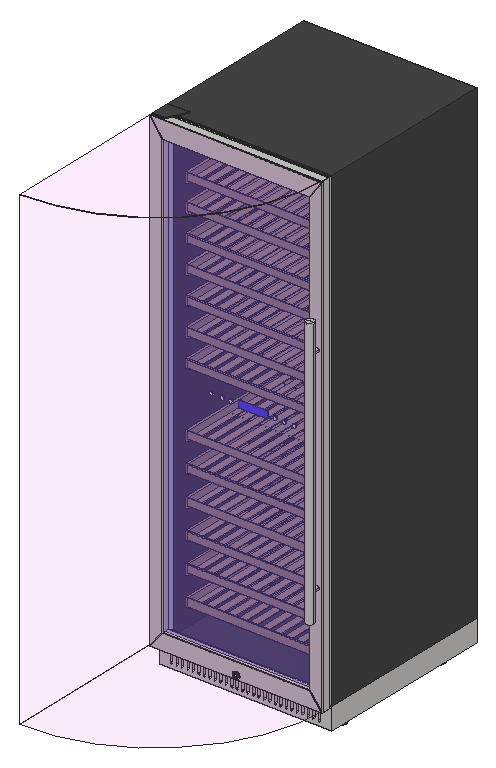
Revit family "QF_Summit_SWC1966B_Dual_Zone_Bottle_Wine_Cellar", category Specialty Equipment, Revit 2020 (continued)
Definition of nested family "SWC1966B"
  Lines and regions (in)
    symbolic lines, visible <- "Show RHD"
      curve 20: line (0.15542, -25.27812, 0) -> (0.15542, -24.75, 0)
      curve 21: arc (3.23424, -37.05362, 0) -> (0.84331, -31.3784, 0) -> (0, -25.27812, 0) r 23.63
      curve 22: line (23.63, -25.27812, 0) -> (3.23424, -37.05362, 0)
    symbolic lines
      curve 17: line (23.63, -24.75, 0) -> (23.63, 0, 0)
      curve 18: line (23.63, 0, 0) -> (0, 0, 0)
      curve 19: line (0, 0, 0) -> (0, -24.75, 0)
    symbolic lines, visible <- "Show LHD"
      curve 23: arc (23.47375, -27.70313, 0) -> (22.92688, -27.15625, 0) -> (22.38, -27.70313, 0) r 0.54687
      curve 24: arc (22.38, -27.70313, 0) -> (22.92688, -28.25, 0) -> (23.47375, -27.70313, 0) r 0.54687
      curve 25: line (22.6925, -27.20902, 0) -> (22.6925, -26.5, 0)
      curve 26: line (23.1925, -27.22509, 0) -> (23.1925, -26.5, 0)
      curve 27: line (23.63, -26.5, 0) -> (0, -26.5, 0)
      curve 28: line (0, -26.39317, 0) -> (23.63, -26.39317, 0)
      curve 29: line (23.63, -26.5, 0) -> (23.63, -25.27812, 0)
      curve 30: line (23.63, -25.27812, 0) -> (2.26311, -25.27812, 0)
      curve 31: line (0.10029, -25.27812, 0) -> (0, -25.27812, 0)
      curve 32: line (0, -25.27812, 0) -> (0, -26.5, 0)
      curve 33: line (3.08046, -23.52531, 0) -> (1.85029, -26.16343, 0)
      curve 34: line (1.85029, -26.16343, 0) -> (0.10029, -26.16343, 0)
      curve 35: line (0.10029, -26.16343, 0) -> (0.10029, -23.52531, 0)
      curve 36: line (0.10029, -23.52531, 0) -> (3.08046, -23.52531, 0)
      curve 37: line (2.50938, -24.75, 0) -> (23.63, -24.75, 0)
      curve 38: line (0.10029, -24.75, 0) -> (0, -24.75, 0)
      curve 39: line (23.47458, -25.27812, 0) -> (23.47458, -24.75, 0)
      curve 40: arc (20.39576, -37.05362, 0) -> (22.78669, -31.3784, 0) -> (23.63, -25.27812, 0) r 23.63
      curve 41: line (0, -25.27812, 0) -> (20.39576, -37.05362, 0)
  Dimensions and locks (in)
    equal spacing: plane 3 "LEFT", plane 7 "Center Y", plane 4 "RIGHT"
    "Length": plane 3 "LEFT" to plane 4 "RIGHT"
    equal spacing: plane 5 "FRONT", plane 8 "Center X", plane 1 "BACK"
    "Depth": plane 5 "FRONT" to plane 1 "BACK"
    "Height": plane 6 "TOP" to level
    plane 1 "BACK" to plane 10 = 24 3/4"
    plane 5 "FRONT" to plane 9 = 1 3/4"
    plane 1 "BACK" to plane 12 = 48 3/4"
    aligned and locked: level to plane 2
  Automatic sketch dimensions
    curve 21 to plane 3 "LEFT" = 0"
    plane 1 "BACK" to curve 18 = 0"
    curve 18 to plane 3 "LEFT" = 0"
    curve 20 to plane 10 = 0"
    plane 5 "FRONT" to curve 4 = 0"
    curve 11 to plane 11 = 0"
    curve 16 to plane 10 = 0"
    curve 5 to plane 4 "RIGHT" = 0"
    curve 17 to plane 4 "RIGHT" = 0"
    curve 35 to plane 11 = 0"
    plane 3 "LEFT" to curve 1 = 45/64"
    plane 3 "LEFT" to curve 22 = 3.23424"
    plane 4 "RIGHT" to curve 11 = 3.08046"
    curve 12 to plane 5 "FRONT" = 0.33657"
    plane 4 "RIGHT" to curve 12 = 1.85029"
    plane 4 "RIGHT" to curve 13 = 0.10029"
    plane 4 "RIGHT" to curve 21 = 0.00053"
    curve 41 to plane 10 = 0.52812"
    curve 31 to curve 40 = 0.00053"
    curve 40 to curve 35 = 0.09976"
    curve 34 to plane 5 "FRONT" = 0.33657"
    curve 34 to curve 34 = 1 3/4"
    curve 33 to curve 36 = 1.23017"
    curve 41 to plane 9 = 8.80362"
    plane 9 to curve 23 = 35/64"
    curve 40 to curve 23 = 2.53111"
    curve 29 to plane 10 = 0.52812"
    curve 23 to curve 29 = 45/64"
    plane 9 to curve 2 = 35/64"
    curve 22 to curve 21 = 0.15812"
    curve 7 to curve 20 = 0.15542"
    plane 3 "LEFT" to curve 2 = 5/32"
    curve 5 to curve 4 = 7/16"
    curve 4 to curve 3 = 1/2"
    curve 23 to curve 23 = 35/64"
    curve 25 to curve 27 = 15/16"
    curve 26 to curve 27 = 7/16"
    curve 39 to curve 29 = 0.15542"
    curve 27 to curve 28 = 0.10683"
    curve 5 to curve 6 = 0.10683"
    plane 1 "BACK" to Extrusion 1 sketch curve = 0"
    Extrusion 1 sketch curve to plane 4 "RIGHT" = 0"
    Extrusion 1 sketch curve to plane 3 "LEFT" = 0"
    Extrusion 1 sketch curve to plane 10 = 0"
    Extrusion 2 sketch curve to Extrusion 1 = 0"  (x4)
    plane 15 to Extrusion 3 sketch curve = 0"
    plane 15 to Extrusion 3 sketch curve = 1/2"  (x2)
    Extrusion 3 sketch curve to plane 10 = 0.52812"
    plane 3 "LEFT" to Extrusion 3 sketch curve = 1 11/16"
    plane 4 "RIGHT" to Extrusion 3 sketch curve = 2.16125"
    plane 3 "LEFT" to Extrusion 4 sketch curve = 1 11/16"
    Extrusion 4 sketch curve to plane 13 = 17.7168"
    Extrusion 4 sketch curve to Extrusion 4 sketch curve = 2"
    plane 4 "RIGHT" to Extrusion 4 sketch curve = 1.66125"
    Extrusion 5 sketch curve to Extrusion 2 = 0"  (x4)
    Extrusion 5 sketch curve to Extrusion 2 = 1.66125"
    Extrusion 2 to Extrusion 5 sketch curve = 1 11/16"
    Extrusion 2 to Extrusion 5 sketch curve = 2.33276"
    Extrusion 2 to Extrusion 5 sketch curve = 2.16724"
    Extrusion 6 sketch curve to plane 10 = 0"
    plane 4 "RIGHT" to Extrusion 6 sketch curve = 5/32"
    plane 3 "LEFT" to Extrusion 6 sketch curve = 0.15542"
    Extrusion 6 sketch curve to plane 10 = 0.52812"
    Extrusion 7 sketch curve to Extrusion 5 = 0"  (x2)
    Extrusion 5 to Extrusion 7 sketch curve = 0.30753"  (x2)
    Extrusion 8 sketch curve to Extrusion 1 = 1.46329"
    Extrusion 8 sketch curve to Extrusion 8 sketch curve = 0.17461"  (x28)
    Extrusion 8 sketch curve to Extrusion 8 sketch curve = 0.43945"  (x14)
    Extrusion 8 sketch curve to Extrusion 8 sketch curve = 0.36213"  (x13)
    Extrusion 8 sketch curve to Extrusion 1 = 0.72548"  (x2)
    Extrusion 8 sketch curve to Extrusion 8 sketch curve = 0"  (x53)
    Extrusion 8 sketch curve to Extrusion 1 = 0.77452"
    Extrusion 9 sketch curve to Extrusion 9 sketch curve = 0"  (x2)
    Extrusion 9 sketch curve to Extrusion 22 = 0.50004"
    Extrusion 9 sketch curve to Extrusion 22 = 9.02546"
    Extrusion 10 sketch curve to Extrusion 22 = 0.50004"
    Extrusion 10 sketch curve to Extrusion 22 = 9.02546"
    plane 3 "LEFT" to Extrusion 11 sketch curve = 2 3/16"
    Extrusion 11 sketch curve to plane 14 = 7.85378"  (x2)
    plane 4 "RIGHT" to Extrusion 11 sketch curve = 2.16125"  (x13)
    Extrusion 11 sketch curve to Extrusion 11 sketch curve = 1.28534"  (x10)
    Extrusion 11 sketch curve to Extrusion 11 sketch curve = 2.71466"  (x6)
    Extrusion 11 sketch curve to Extrusion 11 sketch curve = 1.41034"  (x12)
    plane 14 to Extrusion 11 sketch curve = 0.33372"  (x2)
    Extrusion 11 sketch curve to Extrusion 11 sketch curve = 2.83966"  (x2)
    Extrusion 11 sketch curve to Extrusion 11 sketch curve = 7.52716"  (x2)
    plane 3 "LEFT" to Extrusion 11 sketch curve = 1 11/16"  (x12)
    Extrusion 11 sketch curve to Extrusion 11 sketch curve = 2.46466"  (x4)
    Extrusion 11 sketch curve to Extrusion 11 sketch curve = 2.58966"  (x2)
    Extrusion 11 sketch curve to plane 13 = 0.10378"  (x2)
    plane 13 to Extrusion 11 sketch curve = 1.18156"  (x2)
    Extrusion 11 sketch curve to Extrusion 11 sketch curve = 2.40216"  (x2)
    Extrusion 11 sketch curve to Extrusion 11 sketch curve = 1.47284"  (x2)
    Extrusion 11 sketch curve to Extrusion 11 sketch curve = 2.27716"  (x2)
    Extrusion 11 sketch curve to Extrusion 11 sketch curve = 1/2"  (x26)
    Extrusion 12 sketch curve to Extrusion 11 = 0"  (x38)
    Extrusion 11 to Extrusion 12 sketch curve = 0"
    Extrusion 12 sketch curve to Extrusion 11 = 0.41034"  (x6)
    Extrusion 12 sketch curve to Extrusion 11 = 0.47284"
    Extrusion 12 sketch curve to Extrusion 11 = 0.28534"  (x6)
    plane 4 "RIGHT" to Extrusion 13 sketch curve = 2.16125"  (x13)
    Extrusion 13 sketch curve to plane 6 "TOP" = 8.03914"
    Extrusion 13 sketch curve to Extrusion 13 sketch curve = 1"  (x11)
    Extrusion 13 sketch curve to Extrusion 13 sketch curve = 2 11/16"
    plane 13 to Extrusion 13 sketch curve = 1.18156"
    plane 13 to Extrusion 13 sketch curve = 0.18156"
    Extrusion 13 sketch curve to plane 13 = 2.56844"
    Extrusion 13 sketch curve to Extrusion 13 sketch curve = 2 7/8"  (x3)
    Extrusion 13 sketch curve to Extrusion 13 sketch curve = 7 13/16"
    Extrusion 13 sketch curve to Extrusion 13 sketch curve = 3 1/8"  (x3)
    plane 14 to Extrusion 13 sketch curve = 1.61906"
    plane 14 to Extrusion 13 sketch curve = 0.61906"
    Extrusion 13 sketch curve to plane 14 = 2.44344"
    plane 3 "LEFT" to Extrusion 13 sketch curve = 2 3/16"  (x13)
    Extrusion 14 sketch curve to Extrusion 12 = 0"
    Extrusion 14 sketch curve to Extrusion 14 sketch curve = 8 11/16"
    Extrusion 14 sketch curve to Extrusion 14 sketch curve = 1/8"  (x12)
    Extrusion 14 sketch curve to Extrusion 14 sketch curve = 4"  (x4)
    Extrusion 14 sketch curve to Extrusion 14 sketch curve = 3 15/16"
    Extrusion 14 sketch curve to Extrusion 12 = 1/8"
    Extrusion 14 sketch curve to Extrusion 12 = 2 7/8"
    Extrusion 14 sketch curve to Extrusion 14 sketch curve = 3 3/4"  (x3)
    Extrusion 14 sketch curve to Extrusion 14 sketch curve = 3 5/8"
    Extrusion 14 sketch curve to Extrusion 14 sketch curve = 3 9/16"
    Extrusion 14 sketch curve to Extrusion 12 = 6.95839"  (x2)
    Extrusion 14 sketch curve to Extrusion 14 sketch curve = 0"  (x11)
    Extrusion 14 sketch curve to Extrusion 14 sketch curve = 1 3/4"  (x13)
    Extrusion 15 sketch curve to Extrusion 11 = 0"  (x25)
    Extrusion 11 to Extrusion 15 sketch curve = 0"
    Extrusion 15 sketch curve to Extrusion 11 = 0.59784"  (x32)
    Extrusion 15 sketch curve to Extrusion 15 sketch curve = 0"  (x56)
    Extrusion 15 sketch curve to Extrusion 15 sketch curve = 1/16"  (x169)
    Extrusion 15 sketch curve to Extrusion 11 = 0.66034"  (x3)
    Extrusion 15 sketch curve to Extrusion 11 = 0.47284"  (x78)
    Extrusion 11 to Extrusion 15 sketch curve = 1"  (x13)
    Extrusion 15 sketch curve to Extrusion 15 sketch curve = 1/2"  (x130)
    Extrusion 15 sketch curve to Extrusion 15 sketch curve = 1"  (x143)
    Extrusion 15 sketch curve to Extrusion 15 sketch curve = 21/32"  (x13)
    Extrusion 15 sketch curve to Extrusion 15 sketch curve = 5/8"  (x13)
    Extrusion 16 sketch curve to Extrusion 4 = 0.35748"
    Extrusion 16 sketch curve to Extrusion 4 = 0.64252"
    Extrusion 16 sketch curve to Extrusion 4 = 8.1275"
    Extrusion 16 sketch curve to Extrusion 16 sketch curve = 4"
    Extrusion 17 sketch curve to Extrusion 4 = 0.85748"  (x6)
    Extrusion 17 sketch curve to Extrusion 4 = 4.46459"
    Extrusion 17 sketch curve to Extrusion 17 sketch curve = 1.41291"  (x2)
    Extrusion 17 sketch curve to Extrusion 17 sketch curve = 1.20999"  (x2)
    Extrusion 17 sketch curve to Extrusion 17 sketch curve = 6.08003"
    Extrusion 18 sketch curve to Extrusion 18 sketch curve = 0"  (x12)
    Extrusion 18 sketch curve to plane 7 "Center Y" = 0"
    Extrusion 18 sketch curve to plane 6 "TOP" = 4.98259"
    Extrusion 19 sketch curve to Extrusion 5 = 0"  (x5)
    Extrusion 5 to Extrusion 19 sketch curve = 0"
    Extrusion 20 sketch curve to Extrusion 5 = 0"  (x6)
    Extrusion 21 sketch curve to Extrusion 5 = 0"  (x6)
    Extrusion 22 sketch curve to Extrusion 5 = 0"  (x4)
    Extrusion 5 to Extrusion 22 sketch curve = 0"  (x2)
    Extrusion 20 to Extrusion 23 sketch curve = 47.75322"
    Extrusion 20 to Extrusion 23 sketch curve = 10.36588"
    Extrusion 23 sketch curve to Extrusion 23 sketch curve = 0"
    Extrusion 20 to Extrusion 23 sketch curve = 18.50322"
    Revolve 24 sketch curve to plane 14 = 0"
    Revolve 24 sketch curve to plane 13 = 0"
    plane 3 "LEFT" to Revolve 24 sketch curve = 1 1/4"
    Revolve 24 sketch curve to Revolve 24 sketch curve = 35/64"
    plane 3 "LEFT" to Revolve 24 sketch curve = 45/64"
    plane 14 to Revolve 24 sketch curve = 4.19723"
    Revolve 24 sketch curve to Revolve 24 sketch curve = 4 1/4"
    Extrusion 25 sketch curve to Extrusion 2 = 0.10029"
    Extrusion 25 sketch curve to Extrusion 25 sketch curve = 1 3/4"
    Extrusion 25 sketch curve to Extrusion 2 = 1.22469"
    Extrusion 25 sketch curve to Extrusion 25 sketch curve = 1.23017"
    Extrusion 2 to Extrusion 25 sketch curve = 1.41343"
    Extrusion 26 sketch curve to plane 11 = 0"
    Extrusion 26 sketch curve to plane 5 "FRONT" = 0.33657"
    plane 4 "RIGHT" to Extrusion 26 sketch curve = 0.10029"
    Extrusion 26 sketch curve to Extrusion 26 sketch curve = 1 3/4"
    Extrusion 26 sketch curve to Extrusion 26 sketch curve = 1.23017"
    Revolve 27 sketch curve to level = 0"  (x2)
    plane 3 "LEFT" to Revolve 27 sketch curve = 2"
    Revolve 27 sketch curve to Revolve 27 sketch curve = 1/4"  (x3)
    level to Revolve 27 sketch curve = 1/2"
    Revolve 27 sketch curve to Revolve 27 sketch curve = 0.37068"
    Revolve 27 sketch curve to Revolve 27 sketch curve = 0.37932"
    Revolve 27 sketch curve to Revolve 27 sketch curve = 0"
    Revolve 27 sketch curve to Revolve 27 sketch curve = 0.41359"
    Revolve 28 sketch curve to level = 0"  (x2)
    Revolve 28 sketch curve to plane 4 "RIGHT" = 2"
    Revolve 28 sketch curve to Revolve 28 sketch curve = 1/4"  (x3)
    Revolve 28 sketch curve to level = 1/2"
    Revolve 28 sketch curve to Revolve 28 sketch curve = 0.37068"
    Revolve 28 sketch curve to Revolve 28 sketch curve = 0.37932"
    Revolve 28 sketch curve to Revolve 28 sketch curve = 0"
    Revolve 28 sketch curve to Revolve 28 sketch curve = 0.41359"
    Revolve 29 sketch curve to level = 0"  (x2)
    plane 3 "LEFT" to Revolve 29 sketch curve = 2"
    Revolve 29 sketch curve to Revolve 29 sketch curve = 1/4"  (x3)
    level to Revolve 29 sketch curve = 1/2"
    Revolve 29 sketch curve to Revolve 29 sketch curve = 0.37068"
    Revolve 29 sketch curve to Revolve 29 sketch curve = 0.37932"
    Revolve 29 sketch curve to Revolve 29 sketch curve = 0"
    Revolve 29 sketch curve to Revolve 29 sketch curve = 0.41359"
    Revolve 30 sketch curve to level = 0"  (x2)
    Revolve 30 sketch curve to plane 4 "RIGHT" = 2"
    Revolve 30 sketch curve to Revolve 30 sketch curve = 1/4"  (x3)
    Revolve 30 sketch curve to level = 1/2"
    Revolve 30 sketch curve to Revolve 30 sketch curve = 0.37068"
    Revolve 30 sketch curve to Revolve 30 sketch curve = 0.37932"
    Revolve 30 sketch curve to Revolve 30 sketch curve = 0"
    Revolve 30 sketch curve to Revolve 30 sketch curve = 0.41359"
    Extrusion 1 to Extrusion 31 sketch curve = 1.45603"
    Extrusion 31 sketch curve to Extrusion 1 = 3"
    Extrusion 32 sketch curve to Extrusion 5 = 0"  (x3)
    Extrusion 5 to Extrusion 32 sketch curve = 22.35683"
    Extrusion 5 to Extrusion 32 sketch curve = 0.00053"
    Extrusion 20 to Extrusion 33 sketch curve = 47.75322"
    Extrusion 20 to Extrusion 33 sketch curve = 10.76742"
    Extrusion 33 sketch curve to Extrusion 33 sketch curve = 0"
    Extrusion 20 to Extrusion 33 sketch curve = 18.50322"
    Revolve 34 sketch curve to plane 14 = 0"
    Revolve 34 sketch curve to plane 13 = 0"
    plane 4 "RIGHT" to Revolve 34 sketch curve = 1 1/4"
    Revolve 34 sketch curve to Revolve 34 sketch curve = 35/64"
    Revolve 34 sketch curve to Revolve 34 sketch curve = 0"
    Revolve 34 sketch curve to Revolve 34 sketch curve = 8.44723"
    Revolve 34 sketch curve to Revolve 34 sketch curve = 4.19723"
    Extrusion 2 to Extrusion 35 sketch curve = 1.41343"
    Extrusion 35 sketch curve to Extrusion 2 = 23.52971"
    Extrusion 35 sketch curve to Extrusion 35 sketch curve = 1 3/4"
    Extrusion 35 sketch curve to Extrusion 2 = 1.22469"
    Extrusion 35 sketch curve to Extrusion 35 sketch curve = 1.23017"
    Extrusion 36 sketch curve to plane 11 = 0"
    Extrusion 36 sketch curve to plane 5 "FRONT" = 0.33657"
    plane 4 "RIGHT" to Extrusion 36 sketch curve = 23.52971"
    Extrusion 36 sketch curve to Extrusion 36 sketch curve = 1 3/4"
    Extrusion 36 sketch curve to Extrusion 36 sketch curve = 1.23017"
    Extrusion 5 to Extrusion 37 sketch curve = 0"
    Extrusion 5 to Extrusion 37 sketch curve = 0.15812"
    Extrusion 5 to Extrusion 37 sketch curve = 23.63"
    Extrusion 5 to Extrusion 37 sketch curve = 22.35683"
    Extrusion 37 sketch curve to Extrusion 37 sketch curve = 0.00053"
    radius of Extrusion 9 sketch curve = 0.4689"
    radius of Extrusion 9 sketch curve = 1/4"
    radius of Extrusion 10 sketch curve = 0.24493"
    radius of Extrusion 17 sketch curve = 1/4"  (x6)
    radius of Extrusion 18 sketch curve = 2 1/4"
    radius of Extrusion 18 sketch curve = 1.88047"
    radius of Extrusion 18 sketch curve = 1 1/2"
    radius of Extrusion 18 sketch curve = 1.10754"
    radius of Extrusion 23 sketch curve = 1/4"  (x2)
    radius of Extrusion 31 sketch curve = 1/4"
    radius of Extrusion 33 sketch curve = 1/4"  (x2)
